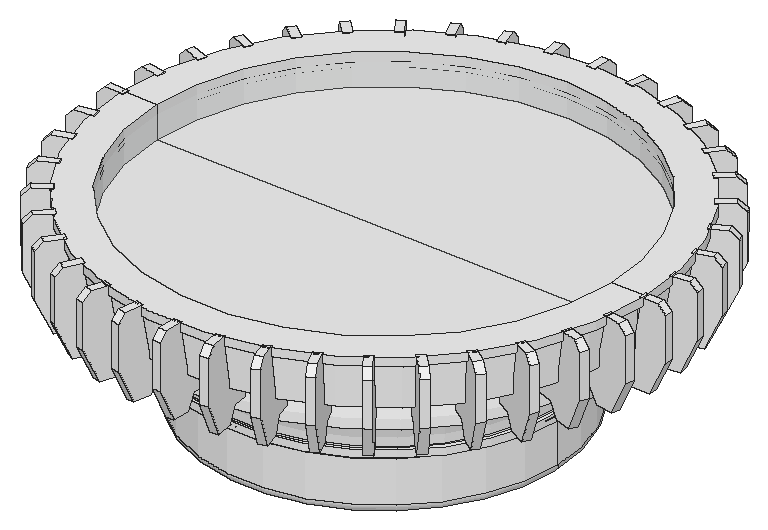
Revit family "HBLHA", category Lighting Fixtures, host Face, Revit 2021
Family settings
  Host = Face
  Round Connector Dimension = Use Diameter
  Part Type = Normal
  OmniClass Number = 23.80.70.14.14
  OmniClass Title = Exterior Floodlights
  Cut with Voids When Loaded = No
  Light Source = Yes
  Shared = No
  Room Calculation Point = No
Parameters
  Wattage Comments = "57 Watts, 24 LEDs"
  Wattage = 112 W
  Watt = 57 W
  Warranty = "5 Year Warranty"
  built-in parameter 1150110 = 1 (stored number, unit not read)
  Voltage = 120 V
  URL = "https://www.currentlighting.com/columbialighting"
  built-in parameter 1114217 = 1 (stored number, unit not read)
  Tilt Angle = -90.00°
  built-in parameter 1150109 = 1 (stored number, unit not read)
  built-in parameter 1150134 = 2
  built-in parameter 1150113 = 1 (stored number, unit not read)
  Product Page URL = ""
  Product Documentation Link = ""
  Power Factor = 1
  Photometric Web File = "HBL-48LU-5K-A-070.ies"
  Optics = "Narrow"
  Mounting Type = "Pendant, Stanchion, Ceiling, Wall, Cone"  # constant formula
  Model = "HBLHA"  # constant formula
  Material Finish = Paint - White Texture
  Manufacturer = "Columbia Lighting"  # constant formula
  built-in parameter 1150105 = 811.05 (stored number, unit not read)
  Lumens = 10192 lm
  built-in parameter 1150115 = 1 (stored number, unit not read)
  Load Classification = Lighting
  built-in parameter 1150137 = (empty or 0)
  built-in parameter 1150139 = (empty or 0)
  built-in parameter 1150112 = 1 (stored number, unit not read)
  built-in parameter 1150114 = 1 (stored number, unit not read)
  Lamp = "LED"
  built-in parameter 1150132 = (empty or 0)
  built-in parameter 1150102 = (empty or 0)
  built-in parameter 1150107 = 5000 (stored number, unit not read)
  built-in parameter 1150138 = (empty or 0)
  built-in parameter 1150106 = 8.1105 (stored number, unit not read)
  IP Rating = "IP66"  # constant formula
  Glass = Glass
  Features = "High performance LED design delivering up to 100 Lumens per Watt\r\nSpecialized thermal management allows from -40˚C to 65˚C ambient temperature ratings\r\nLED count ranges from 72 to 60 to 48 and all three LED counts are driven at 700 mA\r\nThree distinct distributions: aisle, narrow and wide\r\n5 available mounting options: Pendant, Ceiling, Wall, Stanchion, Cone\r\n100,000 hours, long life at L70\r\nSealed optic for long life and durability\r\n5000°K Color Temperature\r\n< 70 CRI\r\nCSA tested to UL1598 Wet Location"  # constant formula
  Fastners = Paint - Light Silver
  Environmental Conditions = "Damp Location, Wet Location, Outdoor"  # constant formula
  Emit from Circle Diameter = 11.000"
  Emit Shape Visible in Rendering = no
  built-in parameter 1150104 = 8.4542 (stored number, unit not read)
  Dimming Protocol = "0-10V"
  Dimming Lamp Color Temperature Shift = <None>
  Description = "The HBLH Series Hazardous LED Flood Light is designed to efficiently light classified areas in heavy industrial settings."  # constant formula
  Default Elevation = 48.000"
  Contact us = ""
  Color Filter = 16777215
  Certification = "UL1598A,Damp Listed,UL Sanitation certified per NSF standards,Wet Listed,NEMA 3,Class I Division 2,CSA,IP66"  # constant formula
  built-in parameter 1114218 = 1 (stored number, unit not read)
  built-in parameter 1150133 = 10 (stored number, unit not read)
  Application = "Industrial, Warehouse, Refineries, Stell Mills, Chemical Plants"  # constant formula
  Apparent Load = Watt / Power Factor  # 57 VA
Reference planes (in)
  plane 1 "Center (Front/Back)": y = 0
  plane 2: z = 0
  plane 3 "Center (Left/Right)": x = 0
  plane 4: z = 8
  plane 5: x = -7
  plane 6: x = 7
  plane 7: y = 1
  plane 8: y = -1
  plane 9: x = -5.5
  plane 10: x = 5.5
  plane 11: z = 13
Dimensions and locks (in)
  plane 4 to plane 2 = 8.000"
  equal spacing: plane 7, plane 1 "Center (Front/Back)", plane 8
  locked: plane 7 to plane 8 at 2
  equal spacing: plane 6, plane 3 "Center (Left/Right)", plane 5, locked at 7 each
  plane 6 to plane 5 = 14.000"
  plane 10 to plane 9 = 11.000"
  aligned and locked: plane 2 to host face
  aligned and locked: level to host face
  aligned and locked: nested 1 to plane 3 "Center (Left/Right)"
  aligned and locked: nested 1 to plane 1 "Center (Front/Back)"
  aligned and locked: plane 3 "Center (Left/Right)" to imposter light
  aligned and locked: imposter light to plane 1 "Center (Front/Back)"
Automatic sketch dimensions
  host sketch curve to host sketch curve = 96.000"  (x2)
Nested families (in)
  nested 1: "KHL" at (0, 0, 7.25) x (-1, 0, 0) z (0, 0, 1), type "KHL"
Connectors (in)
  electrical at (0, 0, 7.25), driven by "Load Classification", driven by "Voltage", driven by "Apparent Load", driven by "Power Factor"
    settings: on nested 1, index 1, voltage 120 V, apparent load 57 VA, apparent load phase1 0 VA, apparent load phase2 0 VA, apparent load phase3 0 VA, power factor 1, load classification "Lighting", number of poles 1, system type 30, power factor state 1, is connector primary yes, connector utility no, sub classification motor no, connector description "Lighting Connector"
Definition of nested family "KHL"
  Parameters
    Wattage Comments = ""
    URL = ""
    Model = ""
    Material Finish = none
    Manufacturer = ""
    Lamp = ""
    IES FILE LINK = ""
    Glass = none
    Description = ""
    Default Elevation = 48.000"
    Apparent Load = 0 VA
  Reference planes (in)
    plane 1 "Center (Front/Back)": y = 0
    plane 2: z = 0
    plane 3 "Center (Left/Right)": x = 0
    plane 4: z = 6
    plane 5: x = -7.25
    plane 6: x = 7.25
    plane 7: x = -5.5
    plane 8: x = 5.5
    plane 9: x = -9
    plane 10: x = 9
    plane 11: y = -9
    plane 12: y = 9
    plane 13: x = -9
    plane 14: x = 9
    plane 15: through (-8.8892, 1.40791, -18.06561) normal (-0.9877, 0.1564, 0)
    plane 16: through (8.8892, -1.40791, -18.06561) normal (-0.9877, 0.1564, 0)
    plane 17: through (-8.55951, 2.78115, -18.06561) normal (-0.9511, 0.309, 0)
    plane 18: through (8.55951, -2.78115, -18.06561) normal (-0.9511, 0.309, 0)
    plane 19: through (-8.01906, 4.08591, -18.06561) normal (-0.891, 0.454, 0)
    plane 20: through (8.01906, -4.08591, -18.06561) normal (-0.891, 0.454, 0)
    plane 21: through (-7.28115, 5.29007, -18.06561) normal (-0.809, 0.5878, 0)
    plane 22: through (7.28115, -5.29007, -18.06561) normal (-0.809, 0.5878, 0)
    plane 23: through (-6.36396, 6.36396, -18.06561) normal (-0.7071, 0.7071, 0)
    plane 24: through (6.36396, -6.36396, -18.06561) normal (-0.7071, 0.7071, 0)
    plane 25: through (-5.29007, 7.28115, -18.06561) normal (-0.5878, 0.809, 0)
    plane 26: through (5.29007, -7.28115, -18.06561) normal (-0.5878, 0.809, 0)
    plane 27: through (-4.08591, 8.01906, -18.06561) normal (-0.454, 0.891, 0)
    plane 28: through (4.08591, -8.01906, -18.06561) normal (-0.454, 0.891, 0)
    plane 29: through (-2.78115, 8.55951, -18.06561) normal (-0.309, 0.9511, 0)
    plane 30: through (2.78115, -8.55951, -18.06561) normal (-0.309, 0.9511, 0)
    plane 31: through (-1.40791, 8.8892, -18.06561) normal (-0.1564, 0.9877, 0)
    plane 32: through (1.40791, -8.8892, -18.06561) normal (-0.1564, 0.9877, 0)
    plane 33: y = 9
    plane 34: y = -9
    plane 35: through (1.40791, 8.8892, -18.06561) normal (0.1564, 0.9877, 0)
    plane 36: through (-1.40791, -8.8892, -18.06561) normal (0.1564, 0.9877, 0)
    plane 37: through (2.78115, 8.55951, -18.06561) normal (0.309, 0.9511, 0)
    plane 38: through (-2.78115, -8.55951, -18.06561) normal (0.309, 0.9511, 0)
    plane 39: through (4.08591, 8.01906, -18.06561) normal (0.454, 0.891, 0)
    plane 40: through (-4.08591, -8.01906, -18.06561) normal (0.454, 0.891, 0)
    plane 41: through (5.29007, 7.28115, -18.06561) normal (0.5878, 0.809, 0)
    plane 42: through (-5.29007, -7.28115, -18.06561) normal (0.5878, 0.809, 0)
    plane 43: through (6.36396, 6.36396, -18.06561) normal (0.7071, 0.7071, 0)
    plane 44: through (-6.36396, -6.36396, -18.06561) normal (0.7071, 0.7071, 0)
    plane 45: through (7.28115, 5.29007, -18.06561) normal (0.809, 0.5878, 0)
    plane 46: through (-7.28115, -5.29007, -18.06561) normal (0.809, 0.5878, 0)
    plane 47: through (8.01906, 4.08591, -18.06561) normal (0.891, 0.454, 0)
    plane 48: through (-8.01906, -4.08591, -18.06561) normal (0.891, 0.454, 0)
    plane 49: through (8.55951, 2.78115, -18.06561) normal (0.9511, 0.309, 0)
    plane 50: through (-8.55951, -2.78115, -18.06561) normal (0.9511, 0.309, 0)
    plane 51: through (8.8892, 1.40791, -18.06561) normal (0.9877, 0.1564, 0)
    plane 52: through (-8.8892, -1.40791, -18.06561) normal (0.9877, 0.1564, 0)
    plane 53: x = 9
    plane 54: x = -9
    plane 55: through (8.8892, -1.40791, -18.06561) normal (0.9877, -0.1564, 0)
    plane 56: through (-8.8892, 1.40791, -18.06561) normal (0.9877, -0.1564, 0)
    plane 57: through (8.55951, -2.78115, -18.06561) normal (0.9511, -0.309, 0)
    plane 58: through (-8.55951, 2.78115, -18.06561) normal (0.9511, -0.309, 0)
    plane 59: through (8.01906, -4.08591, -18.06561) normal (0.891, -0.454, 0)
    plane 60: through (-8.01906, 4.08591, -18.06561) normal (0.891, -0.454, 0)
    plane 61: through (7.28115, -5.29007, -18.06561) normal (0.809, -0.5878, 0)
    plane 62: through (-7.28115, 5.29007, -18.06561) normal (0.809, -0.5878, 0)
    plane 63: through (6.36396, -6.36396, -18.06561) normal (0.7071, -0.7071, 0)
    plane 64: through (-6.36396, 6.36396, -18.06561) normal (0.7071, -0.7071, 0)
    plane 65: through (5.29007, -7.28115, -18.06561) normal (0.5878, -0.809, 0)
    plane 66: through (-5.29007, 7.28115, -18.06561) normal (0.5878, -0.809, 0)
    plane 67: through (4.08591, -8.01906, -18.06561) normal (0.454, -0.891, 0)
    plane 68: through (-4.08591, 8.01906, -18.06561) normal (0.454, -0.891, 0)
    plane 69: through (2.78115, -8.55951, -18.06561) normal (0.309, -0.9511, 0)
    plane 70: through (-2.78115, 8.55951, -18.06561) normal (0.309, -0.9511, 0)
    plane 71: through (1.40791, -8.8892, -18.06561) normal (0.1564, -0.9877, 0)
    plane 72: through (-1.40791, 8.8892, -18.06561) normal (0.1564, -0.9877, 0)
    plane 73: through (-1.40791, -8.8892, -18.06561) normal (-0.1564, -0.9877, 0)
    plane 74: through (1.40791, 8.8892, -18.06561) normal (-0.1564, -0.9877, 0)
    plane 75: through (-2.78115, -8.55951, -18.06561) normal (-0.309, -0.9511, 0)
    plane 76: through (2.78115, 8.55951, -18.06561) normal (-0.309, -0.9511, 0)
    plane 77: through (-4.08591, -8.01906, -18.06561) normal (-0.454, -0.891, 0)
    plane 78: through (4.08591, 8.01906, -18.06561) normal (-0.454, -0.891, 0)
    plane 79: through (-5.29007, -7.28115, -18.06561) normal (-0.5878, -0.809, 0)
    plane 80: through (5.29007, 7.28115, -18.06561) normal (-0.5878, -0.809, 0)
    plane 81: through (-6.36396, -6.36396, -18.06561) normal (-0.7071, -0.7071, 0)
    plane 82: through (6.36396, 6.36396, -18.06561) normal (-0.7071, -0.7071, 0)
    plane 83: through (-7.28115, -5.29007, -18.06561) normal (-0.809, -0.5878, 0)
    plane 84: through (7.28115, 5.29007, -18.06561) normal (-0.809, -0.5878, 0)
    plane 85: through (-8.01906, -4.08591, -18.06561) normal (-0.891, -0.454, 0)
    plane 86: through (8.01906, 4.08591, -18.06561) normal (-0.891, -0.454, 0)
    plane 87: through (-8.55951, -2.78115, -18.06561) normal (-0.9511, -0.309, 0)
    plane 88: through (8.55951, 2.78115, -18.06561) normal (-0.9511, -0.309, 0)
    plane 89: through (-8.8892, -1.40791, -18.06561) normal (-0.9877, -0.1564, 0)
    plane 90: through (8.8892, 1.40791, -18.06561) normal (-0.9877, -0.1564, 0)
  Forms (in)
    Extrusion 1, solid
      sketch origin (0, 0, 0) x (1, 0, 0) y (0, 1, 0)
        loop
          line (-48, 48) -> (-48, -48) -> (48, -48) -> (48, 48) -> (-48, 48)
      from 0 to -12
    Revolve 2, solid, material <- "Material Finish"
      sketch origin (0, 0, 0) x (1, 0, 0) y (0, 0, 1)
        loop
          line (5.5, 0.25) -> (5.5, 1.56868)
          arc (5.5, 1.56868) -> (5.55311, 1.69689) -> (5.68132, 1.75) r 0.18132
          line (5.68132, 1.75) -> (5.79677, 1.75) -> (5.79677, 1.97746) -> (5.6875, 1.97746) -> (5.6875, 2.0276)
          arc (5.6875, 2.0276) -> (6.08214, 2.98036) -> (7.0349, 3.375) r 1.3474
          line (7.0349, 3.375) -> (7.23385, 3.375)
          arc (7.23385, 3.375) -> (7.12959, 3.90778) -> (6.83219, 4.36196) r 1.4134
          line (6.83219, 4.36196) -> (6.83219, 4.43504) -> (8.03125, 4.43504) -> (8.03125, 5.74507) -> (8.28125, 5.74507) -> (8.28125, 6) -> (7.20302, 6) -> (7.20302, 5) -> (0, 5) -> (0, 0) -> (5.25, 0)
          arc (5.25, 0) -> (5.42678, 0.07322) -> (5.5, 0.25) r 0.25
        axis (0, 6) -> (0, 0)
      angle from 0 to 360
    Extrusion 3, solid, material <- "Glass"
      sketch origin (0, 0, 0) x (1, 0, 0) y (0, 1, 0)
        loop
          circle (0, 0) r 7.20302
      from 5.71977 to 5.56262
    Extrusion 4, solid, material <- "Material Finish"
      sketch origin (1.75, 0, 0) x (1, 0, 0) y (0, 0, 1)
        loop
          line (6.42821, 6) -> (6.42821, 5.59247) -> (6.23107, 4.59805) -> (5.43029, 4.59805) -> (5.43029, 3.78903) -> (5.9375, 3.78903) -> (6.1875, 3.35602) -> (6.75, 3.35602) -> (7.25, 4.38117) -> (7.25, 5.75) -> (7, 6) -> (6.42821, 6)
      from 0.125 to -0.125
    Extrusion 5, solid, material <- "Material Finish"
      sketch origin (1.72845, -0.27376, 0) x (0.987688, -0.156434, 0) y (0, 0, 1)
        loop
          line (6.42821, 6) -> (6.42821, 5.59247) -> (6.23107, 4.59805) -> (5.43029, 4.59805) -> (5.43029, 3.78903) -> (5.9375, 3.78903) -> (6.1875, 3.35602) -> (6.75, 3.35602) -> (7.25, 4.38117) -> (7.25, 5.75) -> (7, 6) -> (6.42821, 6)
      from 0.125 to -0.125
    Extrusion 6, solid, material <- "Material Finish"
      sketch origin (1.66435, -0.54078, 0) x (0.951057, -0.309017, 0) y (0, 0, 1)
        loop
          line (6.42821, 6) -> (6.42821, 5.59247) -> (6.23107, 4.59805) -> (5.43029, 4.59805) -> (5.43029, 3.78903) -> (5.9375, 3.78903) -> (6.1875, 3.35602) -> (6.75, 3.35602) -> (7.25, 4.38117) -> (7.25, 5.75) -> (7, 6) -> (6.42821, 6)
      from 0.125 to -0.125
    Extrusion 7, solid, material <- "Material Finish"
      sketch origin (1.55926, -0.79448, 0) x (0.891007, -0.45399, 0) y (0, 0, 1)
        loop
          line (6.42821, 6) -> (6.42821, 5.59247) -> (6.23107, 4.59805) -> (5.43029, 4.59805) -> (5.43029, 3.78903) -> (5.9375, 3.78903) -> (6.1875, 3.35602) -> (6.75, 3.35602) -> (7.25, 4.38117) -> (7.25, 5.75) -> (7, 6) -> (6.42821, 6)
      from 0.125 to -0.125
    Extrusion 8, solid, material <- "Material Finish"
      sketch origin (1.41578, -1.02862, 0) x (0.809017, -0.587785, 0) y (0, 0, 1)
        loop
          line (6.42821, 6) -> (6.42821, 5.59247) -> (6.23107, 4.59805) -> (5.43029, 4.59805) -> (5.43029, 3.78903) -> (5.9375, 3.78903) -> (6.1875, 3.35602) -> (6.75, 3.35602) -> (7.25, 4.38117) -> (7.25, 5.75) -> (7, 6) -> (6.42821, 6)
      from 0.125 to -0.125
    Extrusion 9, solid, material <- "Material Finish"
      sketch origin (1.23744, -1.23744, 0) x (0.707107, -0.707107, 0) y (0, 0, 1)
        loop
          line (6.42821, 6) -> (6.42821, 5.59247) -> (6.23107, 4.59805) -> (5.43029, 4.59805) -> (5.43029, 3.78903) -> (5.9375, 3.78903) -> (6.1875, 3.35602) -> (6.75, 3.35602) -> (7.25, 4.38117) -> (7.25, 5.75) -> (7, 6) -> (6.42821, 6)
      from 0.125 to -0.125
    Extrusion 10, solid, material <- "Material Finish"
      sketch origin (1.02862, -1.41578, 0) x (0.587785, -0.809017, 0) y (0, 0, 1)
        loop
          line (6.42821, 6) -> (6.42821, 5.59247) -> (6.23107, 4.59805) -> (5.43029, 4.59805) -> (5.43029, 3.78903) -> (5.9375, 3.78903) -> (6.1875, 3.35602) -> (6.75, 3.35602) -> (7.25, 4.38117) -> (7.25, 5.75) -> (7, 6) -> (6.42821, 6)
      from 0.125 to -0.125
    Extrusion 11, solid, material <- "Material Finish"
      sketch origin (0.79448, -1.55926, 0) x (0.45399, -0.891007, 0) y (0, 0, 1)
        loop
          line (6.42821, 6) -> (6.42821, 5.59247) -> (6.23107, 4.59805) -> (5.43029, 4.59805) -> (5.43029, 3.78903) -> (5.9375, 3.78903) -> (6.1875, 3.35602) -> (6.75, 3.35602) -> (7.25, 4.38117) -> (7.25, 5.75) -> (7, 6) -> (6.42821, 6)
      from 0.125 to -0.125
    Extrusion 12, solid, material <- "Material Finish"
      sketch origin (0.54078, -1.66435, 0) x (0.309017, -0.951057, 0) y (0, 0, 1)
        loop
          line (6.42821, 6) -> (6.42821, 5.59247) -> (6.23107, 4.59805) -> (5.43029, 4.59805) -> (5.43029, 3.78903) -> (5.9375, 3.78903) -> (6.1875, 3.35602) -> (6.75, 3.35602) -> (7.25, 4.38117) -> (7.25, 5.75) -> (7, 6) -> (6.42821, 6)
      from 0.125 to -0.125
    Extrusion 13, solid, material <- "Material Finish"
      sketch origin (0.27376, -1.72845, 0) x (0.156434, -0.987688, 0) y (0, 0, 1)
        loop
          line (6.42821, 6) -> (6.42821, 5.59247) -> (6.23107, 4.59805) -> (5.43029, 4.59805) -> (5.43029, 3.78903) -> (5.9375, 3.78903) -> (6.1875, 3.35602) -> (6.75, 3.35602) -> (7.25, 4.38117) -> (7.25, 5.75) -> (7, 6) -> (6.42821, 6)
      from 0.125 to -0.125
    Extrusion 14, solid, material <- "Material Finish"
      sketch origin (0, -1.75, 0) x (0, -1, 0) y (0, 0, 1)
        loop
          line (6.42821, 6) -> (6.42821, 5.59247) -> (6.23107, 4.59805) -> (5.43029, 4.59805) -> (5.43029, 3.78903) -> (5.9375, 3.78903) -> (6.1875, 3.35602) -> (6.75, 3.35602) -> (7.25, 4.38117) -> (7.25, 5.75) -> (7, 6) -> (6.42821, 6)
      from 0.125 to -0.125
    Extrusion 15, solid, material <- "Material Finish"
      sketch origin (-0.27376, -1.72845, 0) x (-0.156434, -0.987688, 0) y (0, 0, 1)
        loop
          line (6.42821, 6) -> (6.42821, 5.59247) -> (6.23107, 4.59805) -> (5.43029, 4.59805) -> (5.43029, 3.78903) -> (5.9375, 3.78903) -> (6.1875, 3.35602) -> (6.75, 3.35602) -> (7.25, 4.38117) -> (7.25, 5.75) -> (7, 6) -> (6.42821, 6)
      from 0.125 to -0.125
    Extrusion 16, solid, material <- "Material Finish"
      sketch origin (-0.54078, -1.66435, 0) x (-0.309017, -0.951057, 0) y (0, 0, 1)
        loop
          line (6.42821, 6) -> (6.42821, 5.59247) -> (6.23107, 4.59805) -> (5.43029, 4.59805) -> (5.43029, 3.78903) -> (5.9375, 3.78903) -> (6.1875, 3.35602) -> (6.75, 3.35602) -> (7.25, 4.38117) -> (7.25, 5.75) -> (7, 6) -> (6.42821, 6)
      from 0.125 to -0.125
    Extrusion 17, solid, material <- "Material Finish"
      sketch origin (-0.79448, -1.55926, 0) x (-0.45399, -0.891007, 0) y (0, 0, 1)
        loop
          line (6.42821, 6) -> (6.42821, 5.59247) -> (6.23107, 4.59805) -> (5.43029, 4.59805) -> (5.43029, 3.78903) -> (5.9375, 3.78903) -> (6.1875, 3.35602) -> (6.75, 3.35602) -> (7.25, 4.38117) -> (7.25, 5.75) -> (7, 6) -> (6.42821, 6)
      from 0.125 to -0.125
    Extrusion 18, solid, material <- "Material Finish"
      sketch origin (-1.02862, -1.41578, 0) x (-0.587785, -0.809017, 0) y (0, 0, 1)
        loop
          line (6.42821, 6) -> (6.42821, 5.59247) -> (6.23107, 4.59805) -> (5.43029, 4.59805) -> (5.43029, 3.78903) -> (5.9375, 3.78903) -> (6.1875, 3.35602) -> (6.75, 3.35602) -> (7.25, 4.38117) -> (7.25, 5.75) -> (7, 6) -> (6.42821, 6)
      from 0.125 to -0.125
    Extrusion 19, solid, material <- "Material Finish"
      sketch origin (-1.23744, -1.23744, 0) x (-0.707107, -0.707107, 0) y (0, 0, 1)
        loop
          line (6.42821, 6) -> (6.42821, 5.59247) -> (6.23107, 4.59805) -> (5.43029, 4.59805) -> (5.43029, 3.78903) -> (5.9375, 3.78903) -> (6.1875, 3.35602) -> (6.75, 3.35602) -> (7.25, 4.38117) -> (7.25, 5.75) -> (7, 6) -> (6.42821, 6)
      from 0.125 to -0.125
    Extrusion 20, solid, material <- "Material Finish"
      sketch origin (-1.41578, -1.02862, 0) x (-0.809017, -0.587785, 0) y (0, 0, 1)
        loop
          line (6.42821, 6) -> (6.42821, 5.59247) -> (6.23107, 4.59805) -> (5.43029, 4.59805) -> (5.43029, 3.78903) -> (5.9375, 3.78903) -> (6.1875, 3.35602) -> (6.75, 3.35602) -> (7.25, 4.38117) -> (7.25, 5.75) -> (7, 6) -> (6.42821, 6)
      from 0.125 to -0.125
    Extrusion 21, solid, material <- "Material Finish"
      sketch origin (-1.55926, -0.79448, 0) x (-0.891007, -0.45399, 0) y (0, 0, 1)
        loop
          line (6.42821, 6) -> (6.42821, 5.59247) -> (6.23107, 4.59805) -> (5.43029, 4.59805) -> (5.43029, 3.78903) -> (5.9375, 3.78903) -> (6.1875, 3.35602) -> (6.75, 3.35602) -> (7.25, 4.38117) -> (7.25, 5.75) -> (7, 6) -> (6.42821, 6)
      from 0.125 to -0.125
    Extrusion 22, solid, material <- "Material Finish"
      sketch origin (-1.66435, -0.54078, 0) x (-0.951057, -0.309017, 0) y (0, 0, 1)
        loop
          line (6.42821, 6) -> (6.42821, 5.59247) -> (6.23107, 4.59805) -> (5.43029, 4.59805) -> (5.43029, 3.78903) -> (5.9375, 3.78903) -> (6.1875, 3.35602) -> (6.75, 3.35602) -> (7.25, 4.38117) -> (7.25, 5.75) -> (7, 6) -> (6.42821, 6)
      from 0.125 to -0.125
    Extrusion 23, solid, material <- "Material Finish"
      sketch origin (-1.72845, -0.27376, 0) x (-0.987688, -0.156434, 0) y (0, 0, 1)
        loop
          line (6.42821, 6) -> (6.42821, 5.59247) -> (6.23107, 4.59805) -> (5.43029, 4.59805) -> (5.43029, 3.78903) -> (5.9375, 3.78903) -> (6.1875, 3.35602) -> (6.75, 3.35602) -> (7.25, 4.38117) -> (7.25, 5.75) -> (7, 6) -> (6.42821, 6)
      from 0.125 to -0.125
    Extrusion 24, solid, material <- "Material Finish"
      sketch origin (-1.75, 0, 0) x (-1, 0, 0) y (0, 0, 1)
        loop
          line (6.42821, 6) -> (6.42821, 5.59247) -> (6.23107, 4.59805) -> (5.43029, 4.59805) -> (5.43029, 3.78903) -> (5.9375, 3.78903) -> (6.1875, 3.35602) -> (6.75, 3.35602) -> (7.25, 4.38117) -> (7.25, 5.75) -> (7, 6) -> (6.42821, 6)
      from 0.125 to -0.125
    Extrusion 25, solid, material <- "Material Finish"
      sketch origin (-1.72845, 0.27376, 0) x (-0.987688, 0.156434, 0) y (0, 0, 1)
        loop
          line (6.42821, 6) -> (6.42821, 5.59247) -> (6.23107, 4.59805) -> (5.43029, 4.59805) -> (5.43029, 3.78903) -> (5.9375, 3.78903) -> (6.1875, 3.35602) -> (6.75, 3.35602) -> (7.25, 4.38117) -> (7.25, 5.75) -> (7, 6) -> (6.42821, 6)
      from 0.125 to -0.125
    Extrusion 26, solid, material <- "Material Finish"
      sketch origin (-1.66435, 0.54078, 0) x (-0.951057, 0.309017, 0) y (0, 0, 1)
        loop
          line (6.42821, 6) -> (6.42821, 5.59247) -> (6.23107, 4.59805) -> (5.43029, 4.59805) -> (5.43029, 3.78903) -> (5.9375, 3.78903) -> (6.1875, 3.35602) -> (6.75, 3.35602) -> (7.25, 4.38117) -> (7.25, 5.75) -> (7, 6) -> (6.42821, 6)
      from 0.125 to -0.125
    Extrusion 27, solid, material <- "Material Finish"
      sketch origin (-1.55926, 0.79448, 0) x (-0.891007, 0.45399, 0) y (0, 0, 1)
        loop
          line (6.42821, 6) -> (6.42821, 5.59247) -> (6.23107, 4.59805) -> (5.43029, 4.59805) -> (5.43029, 3.78903) -> (5.9375, 3.78903) -> (6.1875, 3.35602) -> (6.75, 3.35602) -> (7.25, 4.38117) -> (7.25, 5.75) -> (7, 6) -> (6.42821, 6)
      from 0.125 to -0.125
    Extrusion 28, solid, material <- "Material Finish"
      sketch origin (-1.41578, 1.02862, 0) x (-0.809017, 0.587785, 0) y (0, 0, 1)
        loop
          line (6.42821, 6) -> (6.42821, 5.59247) -> (6.23107, 4.59805) -> (5.43029, 4.59805) -> (5.43029, 3.78903) -> (5.9375, 3.78903) -> (6.1875, 3.35602) -> (6.75, 3.35602) -> (7.25, 4.38117) -> (7.25, 5.75) -> (7, 6) -> (6.42821, 6)
      from 0.125 to -0.125
    Extrusion 29, solid, material <- "Material Finish"
      sketch origin (-1.23744, 1.23744, 0) x (-0.707107, 0.707107, 0) y (0, 0, 1)
        loop
          line (6.42821, 6) -> (6.42821, 5.59247) -> (6.23107, 4.59805) -> (5.43029, 4.59805) -> (5.43029, 3.78903) -> (5.9375, 3.78903) -> (6.1875, 3.35602) -> (6.75, 3.35602) -> (7.25, 4.38117) -> (7.25, 5.75) -> (7, 6) -> (6.42821, 6)
      from 0.125 to -0.125
    Extrusion 30, solid, material <- "Material Finish"
      sketch origin (-1.02862, 1.41578, 0) x (-0.587785, 0.809017, 0) y (0, 0, 1)
        loop
          line (6.42821, 6) -> (6.42821, 5.59247) -> (6.23107, 4.59805) -> (5.43029, 4.59805) -> (5.43029, 3.78903) -> (5.9375, 3.78903) -> (6.1875, 3.35602) -> (6.75, 3.35602) -> (7.25, 4.38117) -> (7.25, 5.75) -> (7, 6) -> (6.42821, 6)
      from 0.125 to -0.125
    Extrusion 31, solid, material <- "Material Finish"
      sketch origin (-0.79448, 1.55926, 0) x (-0.45399, 0.891007, 0) y (0, 0, 1)
        loop
          line (6.42821, 6) -> (6.42821, 5.59247) -> (6.23107, 4.59805) -> (5.43029, 4.59805) -> (5.43029, 3.78903) -> (5.9375, 3.78903) -> (6.1875, 3.35602) -> (6.75, 3.35602) -> (7.25, 4.38117) -> (7.25, 5.75) -> (7, 6) -> (6.42821, 6)
      from 0.125 to -0.125
    Extrusion 32, solid, material <- "Material Finish"
      sketch origin (-0.54078, 1.66435, 0) x (-0.309017, 0.951057, 0) y (0, 0, 1)
        loop
          line (6.42821, 6) -> (6.42821, 5.59247) -> (6.23107, 4.59805) -> (5.43029, 4.59805) -> (5.43029, 3.78903) -> (5.9375, 3.78903) -> (6.1875, 3.35602) -> (6.75, 3.35602) -> (7.25, 4.38117) -> (7.25, 5.75) -> (7, 6) -> (6.42821, 6)
      from 0.125 to -0.125
    Extrusion 33, solid, material <- "Material Finish"
      sketch origin (-0.27376, 1.72845, 0) x (-0.156434, 0.987688, 0) y (0, 0, 1)
        loop
          line (6.42821, 6) -> (6.42821, 5.59247) -> (6.23107, 4.59805) -> (5.43029, 4.59805) -> (5.43029, 3.78903) -> (5.9375, 3.78903) -> (6.1875, 3.35602) -> (6.75, 3.35602) -> (7.25, 4.38117) -> (7.25, 5.75) -> (7, 6) -> (6.42821, 6)
      from 0.125 to -0.125
    Extrusion 34, solid, material <- "Material Finish"
      sketch origin (0, 1.75, 0) x (0, 1, 0) y (0, 0, 1)
        loop
          line (6.42821, 6) -> (6.42821, 5.59247) -> (6.23107, 4.59805) -> (5.43029, 4.59805) -> (5.43029, 3.78903) -> (5.9375, 3.78903) -> (6.1875, 3.35602) -> (6.75, 3.35602) -> (7.25, 4.38117) -> (7.25, 5.75) -> (7, 6) -> (6.42821, 6)
      from 0.125 to -0.125
    Extrusion 35, solid, material <- "Material Finish"
      sketch origin (0.27376, 1.72845, 0) x (0.156434, 0.987688, 0) y (0, 0, 1)
        loop
          line (6.42821, 6) -> (6.42821, 5.59247) -> (6.23107, 4.59805) -> (5.43029, 4.59805) -> (5.43029, 3.78903) -> (5.9375, 3.78903) -> (6.1875, 3.35602) -> (6.75, 3.35602) -> (7.25, 4.38117) -> (7.25, 5.75) -> (7, 6) -> (6.42821, 6)
      from 0.125 to -0.125
    Extrusion 36, solid, material <- "Material Finish"
      sketch origin (0.54078, 1.66435, 0) x (0.309017, 0.951057, 0) y (0, 0, 1)
        loop
          line (6.42821, 6) -> (6.42821, 5.59247) -> (6.23107, 4.59805) -> (5.43029, 4.59805) -> (5.43029, 3.78903) -> (5.9375, 3.78903) -> (6.1875, 3.35602) -> (6.75, 3.35602) -> (7.25, 4.38117) -> (7.25, 5.75) -> (7, 6) -> (6.42821, 6)
      from 0.125 to -0.125
    Extrusion 37, solid, material <- "Material Finish"
      sketch origin (0.79448, 1.55926, 0) x (0.45399, 0.891007, 0) y (0, 0, 1)
        loop
          line (6.42821, 6) -> (6.42821, 5.59247) -> (6.23107, 4.59805) -> (5.43029, 4.59805) -> (5.43029, 3.78903) -> (5.9375, 3.78903) -> (6.1875, 3.35602) -> (6.75, 3.35602) -> (7.25, 4.38117) -> (7.25, 5.75) -> (7, 6) -> (6.42821, 6)
      from 0.125 to -0.125
    Extrusion 38, solid, material <- "Material Finish"
      sketch origin (1.02862, 1.41578, 0) x (0.587785, 0.809017, 0) y (0, 0, 1)
        loop
          line (6.42821, 6) -> (6.42821, 5.59247) -> (6.23107, 4.59805) -> (5.43029, 4.59805) -> (5.43029, 3.78903) -> (5.9375, 3.78903) -> (6.1875, 3.35602) -> (6.75, 3.35602) -> (7.25, 4.38117) -> (7.25, 5.75) -> (7, 6) -> (6.42821, 6)
      from 0.125 to -0.125
    Extrusion 39, solid, material <- "Material Finish"
      sketch origin (1.23744, 1.23744, 0) x (0.707107, 0.707107, 0) y (0, 0, 1)
        loop
          line (6.42821, 6) -> (6.42821, 5.59247) -> (6.23107, 4.59805) -> (5.43029, 4.59805) -> (5.43029, 3.78903) -> (5.9375, 3.78903) -> (6.1875, 3.35602) -> (6.75, 3.35602) -> (7.25, 4.38117) -> (7.25, 5.75) -> (7, 6) -> (6.42821, 6)
      from 0.125 to -0.125
    Extrusion 40, solid, material <- "Material Finish"
      sketch origin (1.41578, 1.02862, 0) x (0.809017, 0.587785, 0) y (0, 0, 1)
        loop
          line (6.42821, 6) -> (6.42821, 5.59247) -> (6.23107, 4.59805) -> (5.43029, 4.59805) -> (5.43029, 3.78903) -> (5.9375, 3.78903) -> (6.1875, 3.35602) -> (6.75, 3.35602) -> (7.25, 4.38117) -> (7.25, 5.75) -> (7, 6) -> (6.42821, 6)
      from 0.125 to -0.125
    Extrusion 41, solid, material <- "Material Finish"
      sketch origin (1.55926, 0.79448, 0) x (0.891007, 0.45399, 0) y (0, 0, 1)
        loop
          line (6.42821, 6) -> (6.42821, 5.59247) -> (6.23107, 4.59805) -> (5.43029, 4.59805) -> (5.43029, 3.78903) -> (5.9375, 3.78903) -> (6.1875, 3.35602) -> (6.75, 3.35602) -> (7.25, 4.38117) -> (7.25, 5.75) -> (7, 6) -> (6.42821, 6)
      from 0.125 to -0.125
    Extrusion 42, solid, material <- "Material Finish"
      sketch origin (1.66435, 0.54078, 0) x (0.951057, 0.309017, 0) y (0, 0, 1)
        loop
          line (6.42821, 6) -> (6.42821, 5.59247) -> (6.23107, 4.59805) -> (5.43029, 4.59805) -> (5.43029, 3.78903) -> (5.9375, 3.78903) -> (6.1875, 3.35602) -> (6.75, 3.35602) -> (7.25, 4.38117) -> (7.25, 5.75) -> (7, 6) -> (6.42821, 6)
      from 0.125 to -0.125
    Extrusion 43, solid, material <- "Material Finish"
      sketch origin (1.72845, 0.27376, 0) x (0.987688, 0.156434, 0) y (0, 0, 1)
        loop
          line (6.42821, 6) -> (6.42821, 5.59247) -> (6.23107, 4.59805) -> (5.43029, 4.59805) -> (5.43029, 3.78903) -> (5.9375, 3.78903) -> (6.1875, 3.35602) -> (6.75, 3.35602) -> (7.25, 4.38117) -> (7.25, 5.75) -> (7, 6) -> (6.42821, 6)
      from 0.125 to -0.125
  Lines and regions (in)
    reference lines
      curve 1: line (5.95302, 0, 4.75) -> (0, 0, 4.75)
      curve 2: line (5.95302, 0, 5.92266) -> (5.95302, 0, 4.75)
      curve 3: line (6.59375, 0, 5.37007) -> (6.59375, 0, 5.92266)
      curve 4: line (6.34375, 0, 5.37007) -> (6.59375, 0, 5.37007)
      curve 5: line (6.34375, 0, 4.37254) -> (5.5, 0, 4.37254)
      curve 6: line (6.34375, 0, 4.37254) -> (6.34375, 0, 5.37007)
      curve 7: arc (6.25, 0, 2.75) -> (6.14885, 0, 3.28681) -> (5.85927, 0, 3.75) r 1.47501
      curve 8: line (5.85927, 0, 2.75) -> (6.25, 0, 2.75)
      curve 9: line (5.85927, 0, 2.75) -> (5.85927, 0, 1.75)
      curve 10: line (5.85927, 0, 1.75) -> (4.74529, 0, 1.75)
      curve 11: line (5.85927, 0, 3.75) -> (4.8978, 0, 3.75)
      curve 12: line (5.10824, 0, 5.71977) -> (6.99125, 0, 5.71977)
  Dimensions and locks (in)
    locked: plane 4 to plane 2 at 6
    equal spacing: plane 6, plane 3 "Center (Left/Right)", plane 5
    equal spacing: plane 8, plane 3 "Center (Left/Right)", plane 7, locked at 5.5 each
    plane 4 to plane 2 = 6.000"
    aligned and locked: plane 2 to Extrusion 1
    aligned and locked: level to Extrusion 1
    aligned and locked: Revolve 2 sketch curve to plane 2
    aligned and locked: Extrusion 3 sketch curve to Revolve 2
    aligned and locked: curve 10 to Revolve 2 sketch curve
  Automatic sketch dimensions
    Extrusion 1 sketch curve to Extrusion 1 sketch curve = 96.000"  (x2)
    curve 1 to plane 3 "Center (Left/Right)" = 0.000"
    plane 8 to curve 5 = 0.000"
    plane 8 to curve 10 = 0.75471"
    plane 8 to curve 7 = 0.72501"
    plane 8 to curve 11 = 0.6022"
    plane 8 to curve 12 = 0.39176"
    curve 11 to plane 8 = 0.35927"
    curve 8 to plane 8 = 0.35927"
    curve 2 to plane 4 = 0.07734"
    curve 2 to plane 8 = 0.45302"
    curve 8 to curve 8 = 0.39073"
    curve 1 to curve 6 = 0.39073"
    curve 4 to curve 4 = 0.250"
    plane 6 to curve 12 = 0.25875"
    curve 12 to plane 4 = 0.28023"
    curve 6 to plane 4 = 0.62993"
    curve 2 to curve 4 = 0.62007"
    curve 5 to curve 1 = 0.37746"
    curve 11 to curve 5 = 0.62254"
    curve 9 to curve 8 = 1.000"
    curve 3 to plane 4 = 0.07734"
    Extrusion 4 sketch curve to Extrusion 4 sketch curve = 0.50721"
    Extrusion 4 sketch curve to Extrusion 4 sketch curve = 0.250"  (x3)
    Extrusion 4 sketch curve to Extrusion 4 sketch curve = 0.80078"
    Extrusion 4 sketch curve to Extrusion 4 sketch curve = 0.19714"
    Extrusion 4 sketch curve to Extrusion 4 sketch curve = 0.5625"
    Extrusion 4 sketch curve to Extrusion 4 sketch curve = 0.57179"
    Extrusion 4 sketch curve to Extrusion 4 sketch curve = 0.43301"
    Extrusion 4 sketch curve to Extrusion 4 sketch curve = 1.02515"
    Extrusion 4 sketch curve to Extrusion 4 sketch curve = 0.80901"
    Extrusion 4 sketch curve to Extrusion 4 sketch curve = 0.99442"
    Extrusion 4 sketch curve to Extrusion 4 sketch curve = 0.15753"
    Extrusion 5 sketch curve to Extrusion 5 sketch curve = 0.50721"
    Extrusion 5 sketch curve to Extrusion 5 sketch curve = 0.250"  (x3)
    Extrusion 5 sketch curve to Extrusion 5 sketch curve = 0.80078"
    Extrusion 5 sketch curve to Extrusion 5 sketch curve = 0.19714"
    Extrusion 5 sketch curve to Extrusion 5 sketch curve = 0.5625"
    Extrusion 5 sketch curve to Extrusion 5 sketch curve = 0.57179"
    Extrusion 5 sketch curve to Extrusion 5 sketch curve = 0.43301"
    Extrusion 5 sketch curve to Extrusion 5 sketch curve = 1.02515"
    Extrusion 5 sketch curve to Extrusion 5 sketch curve = 0.80901"
    Extrusion 5 sketch curve to Extrusion 5 sketch curve = 0.99442"
    Extrusion 5 sketch curve to Extrusion 5 sketch curve = 0.15753"
    Extrusion 6 sketch curve to Extrusion 6 sketch curve = 0.50721"
    Extrusion 6 sketch curve to Extrusion 6 sketch curve = 0.250"  (x3)
    Extrusion 6 sketch curve to Extrusion 6 sketch curve = 0.80078"
    Extrusion 6 sketch curve to Extrusion 6 sketch curve = 0.19714"
    Extrusion 6 sketch curve to Extrusion 6 sketch curve = 0.5625"
    Extrusion 6 sketch curve to Extrusion 6 sketch curve = 0.57179"
    Extrusion 6 sketch curve to Extrusion 6 sketch curve = 0.43301"
    Extrusion 6 sketch curve to Extrusion 6 sketch curve = 1.02515"
    Extrusion 6 sketch curve to Extrusion 6 sketch curve = 0.80901"
    Extrusion 6 sketch curve to Extrusion 6 sketch curve = 0.99442"
    Extrusion 6 sketch curve to Extrusion 6 sketch curve = 0.15753"
    Extrusion 7 sketch curve to Extrusion 7 sketch curve = 0.50721"
    Extrusion 7 sketch curve to Extrusion 7 sketch curve = 0.250"  (x3)
    Extrusion 7 sketch curve to Extrusion 7 sketch curve = 0.80078"
    Extrusion 7 sketch curve to Extrusion 7 sketch curve = 0.19714"
    Extrusion 7 sketch curve to Extrusion 7 sketch curve = 0.5625"
    Extrusion 7 sketch curve to Extrusion 7 sketch curve = 0.57179"
    Extrusion 7 sketch curve to Extrusion 7 sketch curve = 0.43301"
    Extrusion 7 sketch curve to Extrusion 7 sketch curve = 1.02515"
    Extrusion 7 sketch curve to Extrusion 7 sketch curve = 0.80901"
    Extrusion 7 sketch curve to Extrusion 7 sketch curve = 0.99442"
    Extrusion 7 sketch curve to Extrusion 7 sketch curve = 0.15753"
    Extrusion 8 sketch curve to Extrusion 8 sketch curve = 0.50721"
    Extrusion 8 sketch curve to Extrusion 8 sketch curve = 0.250"  (x3)
    Extrusion 8 sketch curve to Extrusion 8 sketch curve = 0.80078"
    Extrusion 8 sketch curve to Extrusion 8 sketch curve = 0.19714"
    Extrusion 8 sketch curve to Extrusion 8 sketch curve = 0.5625"
    Extrusion 8 sketch curve to Extrusion 8 sketch curve = 0.57179"
    Extrusion 8 sketch curve to Extrusion 8 sketch curve = 0.43301"
    Extrusion 8 sketch curve to Extrusion 8 sketch curve = 1.02515"
    Extrusion 8 sketch curve to Extrusion 8 sketch curve = 0.80901"
    Extrusion 8 sketch curve to Extrusion 8 sketch curve = 0.99442"
    Extrusion 8 sketch curve to Extrusion 8 sketch curve = 0.15753"
    Extrusion 9 sketch curve to Extrusion 9 sketch curve = 0.50721"
    Extrusion 9 sketch curve to Extrusion 9 sketch curve = 0.250"  (x3)
    Extrusion 9 sketch curve to Extrusion 9 sketch curve = 0.80078"
    Extrusion 9 sketch curve to Extrusion 9 sketch curve = 0.19714"
    Extrusion 9 sketch curve to Extrusion 9 sketch curve = 0.5625"
    Extrusion 9 sketch curve to Extrusion 9 sketch curve = 0.57179"
    Extrusion 9 sketch curve to Extrusion 9 sketch curve = 0.43301"
    Extrusion 9 sketch curve to Extrusion 9 sketch curve = 1.02515"
    Extrusion 9 sketch curve to Extrusion 9 sketch curve = 0.80901"
    Extrusion 9 sketch curve to Extrusion 9 sketch curve = 0.99442"
    Extrusion 9 sketch curve to Extrusion 9 sketch curve = 0.15753"
    Extrusion 10 sketch curve to Extrusion 10 sketch curve = 0.50721"
    Extrusion 10 sketch curve to Extrusion 10 sketch curve = 0.250"  (x3)
    Extrusion 10 sketch curve to Extrusion 10 sketch curve = 0.80078"
    Extrusion 10 sketch curve to Extrusion 10 sketch curve = 0.19714"
    Extrusion 10 sketch curve to Extrusion 10 sketch curve = 0.5625"
    Extrusion 10 sketch curve to Extrusion 10 sketch curve = 0.57179"
    Extrusion 10 sketch curve to Extrusion 10 sketch curve = 0.43301"
    Extrusion 10 sketch curve to Extrusion 10 sketch curve = 1.02515"
    Extrusion 10 sketch curve to Extrusion 10 sketch curve = 0.80901"
    Extrusion 10 sketch curve to Extrusion 10 sketch curve = 0.99442"
    Extrusion 10 sketch curve to Extrusion 10 sketch curve = 0.15753"
    Extrusion 11 sketch curve to Extrusion 11 sketch curve = 0.50721"
    Extrusion 11 sketch curve to Extrusion 11 sketch curve = 0.250"  (x3)
    Extrusion 11 sketch curve to Extrusion 11 sketch curve = 0.80078"
    Extrusion 11 sketch curve to Extrusion 11 sketch curve = 0.19714"
    Extrusion 11 sketch curve to Extrusion 11 sketch curve = 0.5625"
    Extrusion 11 sketch curve to Extrusion 11 sketch curve = 0.57179"
    Extrusion 11 sketch curve to Extrusion 11 sketch curve = 0.43301"
    Extrusion 11 sketch curve to Extrusion 11 sketch curve = 1.02515"
    Extrusion 11 sketch curve to Extrusion 11 sketch curve = 0.80901"
    Extrusion 11 sketch curve to Extrusion 11 sketch curve = 0.99442"
    Extrusion 11 sketch curve to Extrusion 11 sketch curve = 0.15753"
    Extrusion 12 sketch curve to Extrusion 12 sketch curve = 0.50721"
    Extrusion 12 sketch curve to Extrusion 12 sketch curve = 0.250"  (x3)
    Extrusion 12 sketch curve to Extrusion 12 sketch curve = 0.80078"
    Extrusion 12 sketch curve to Extrusion 12 sketch curve = 0.19714"
    Extrusion 12 sketch curve to Extrusion 12 sketch curve = 0.5625"
    Extrusion 12 sketch curve to Extrusion 12 sketch curve = 0.57179"
    Extrusion 12 sketch curve to Extrusion 12 sketch curve = 0.43301"
    Extrusion 12 sketch curve to Extrusion 12 sketch curve = 1.02515"
    Extrusion 12 sketch curve to Extrusion 12 sketch curve = 0.80901"
    Extrusion 12 sketch curve to Extrusion 12 sketch curve = 0.99442"
    Extrusion 12 sketch curve to Extrusion 12 sketch curve = 0.15753"
    Extrusion 13 sketch curve to Extrusion 13 sketch curve = 0.50721"
    Extrusion 13 sketch curve to Extrusion 13 sketch curve = 0.250"  (x3)
    Extrusion 13 sketch curve to Extrusion 13 sketch curve = 0.80078"
    Extrusion 13 sketch curve to Extrusion 13 sketch curve = 0.19714"
    Extrusion 13 sketch curve to Extrusion 13 sketch curve = 0.5625"
    Extrusion 13 sketch curve to Extrusion 13 sketch curve = 0.57179"
    Extrusion 13 sketch curve to Extrusion 13 sketch curve = 0.43301"
    Extrusion 13 sketch curve to Extrusion 13 sketch curve = 1.02515"
    Extrusion 13 sketch curve to Extrusion 13 sketch curve = 0.80901"
    Extrusion 13 sketch curve to Extrusion 13 sketch curve = 0.99442"
    Extrusion 13 sketch curve to Extrusion 13 sketch curve = 0.15753"
    Extrusion 14 sketch curve to Extrusion 14 sketch curve = 0.50721"
    Extrusion 14 sketch curve to Extrusion 14 sketch curve = 0.250"  (x3)
    Extrusion 14 sketch curve to Extrusion 14 sketch curve = 0.80078"
    Extrusion 14 sketch curve to Extrusion 14 sketch curve = 0.19714"
    Extrusion 14 sketch curve to Extrusion 14 sketch curve = 0.5625"
    Extrusion 14 sketch curve to Extrusion 14 sketch curve = 0.57179"
    Extrusion 14 sketch curve to Extrusion 14 sketch curve = 0.43301"
    Extrusion 14 sketch curve to Extrusion 14 sketch curve = 1.02515"
    Extrusion 14 sketch curve to Extrusion 14 sketch curve = 0.80901"
    Extrusion 14 sketch curve to Extrusion 14 sketch curve = 0.99442"
    Extrusion 14 sketch curve to Extrusion 14 sketch curve = 0.15753"
    Extrusion 15 sketch curve to Extrusion 15 sketch curve = 0.50721"
    Extrusion 15 sketch curve to Extrusion 15 sketch curve = 0.250"  (x3)
    Extrusion 15 sketch curve to Extrusion 15 sketch curve = 0.80078"
    Extrusion 15 sketch curve to Extrusion 15 sketch curve = 0.19714"
    Extrusion 15 sketch curve to Extrusion 15 sketch curve = 0.5625"
    Extrusion 15 sketch curve to Extrusion 15 sketch curve = 0.57179"
    Extrusion 15 sketch curve to Extrusion 15 sketch curve = 0.43301"
    Extrusion 15 sketch curve to Extrusion 15 sketch curve = 1.02515"
    Extrusion 15 sketch curve to Extrusion 15 sketch curve = 0.80901"
    Extrusion 15 sketch curve to Extrusion 15 sketch curve = 0.99442"
    Extrusion 15 sketch curve to Extrusion 15 sketch curve = 0.15753"
    Extrusion 16 sketch curve to Extrusion 16 sketch curve = 0.50721"
    Extrusion 16 sketch curve to Extrusion 16 sketch curve = 0.250"  (x3)
    Extrusion 16 sketch curve to Extrusion 16 sketch curve = 0.80078"
    Extrusion 16 sketch curve to Extrusion 16 sketch curve = 0.19714"
    Extrusion 16 sketch curve to Extrusion 16 sketch curve = 0.5625"
    Extrusion 16 sketch curve to Extrusion 16 sketch curve = 0.57179"
    Extrusion 16 sketch curve to Extrusion 16 sketch curve = 0.43301"
    Extrusion 16 sketch curve to Extrusion 16 sketch curve = 1.02515"
    Extrusion 16 sketch curve to Extrusion 16 sketch curve = 0.80901"
    Extrusion 16 sketch curve to Extrusion 16 sketch curve = 0.99442"
    Extrusion 16 sketch curve to Extrusion 16 sketch curve = 0.15753"
    Extrusion 17 sketch curve to Extrusion 17 sketch curve = 0.50721"
    Extrusion 17 sketch curve to Extrusion 17 sketch curve = 0.250"  (x3)
    Extrusion 17 sketch curve to Extrusion 17 sketch curve = 0.80078"
    Extrusion 17 sketch curve to Extrusion 17 sketch curve = 0.19714"
    Extrusion 17 sketch curve to Extrusion 17 sketch curve = 0.5625"
    Extrusion 17 sketch curve to Extrusion 17 sketch curve = 0.57179"
    Extrusion 17 sketch curve to Extrusion 17 sketch curve = 0.43301"
    Extrusion 17 sketch curve to Extrusion 17 sketch curve = 1.02515"
    Extrusion 17 sketch curve to Extrusion 17 sketch curve = 0.80901"
    Extrusion 17 sketch curve to Extrusion 17 sketch curve = 0.99442"
    Extrusion 17 sketch curve to Extrusion 17 sketch curve = 0.15753"
    Extrusion 18 sketch curve to Extrusion 18 sketch curve = 0.50721"
    Extrusion 18 sketch curve to Extrusion 18 sketch curve = 0.250"  (x3)
    Extrusion 18 sketch curve to Extrusion 18 sketch curve = 0.80078"
    Extrusion 18 sketch curve to Extrusion 18 sketch curve = 0.19714"
    Extrusion 18 sketch curve to Extrusion 18 sketch curve = 0.5625"
    Extrusion 18 sketch curve to Extrusion 18 sketch curve = 0.57179"
    Extrusion 18 sketch curve to Extrusion 18 sketch curve = 0.43301"
    Extrusion 18 sketch curve to Extrusion 18 sketch curve = 1.02515"
    Extrusion 18 sketch curve to Extrusion 18 sketch curve = 0.80901"
    Extrusion 18 sketch curve to Extrusion 18 sketch curve = 0.99442"
    Extrusion 18 sketch curve to Extrusion 18 sketch curve = 0.15753"
    Extrusion 19 sketch curve to Extrusion 19 sketch curve = 0.50721"
    Extrusion 19 sketch curve to Extrusion 19 sketch curve = 0.250"  (x3)
    Extrusion 19 sketch curve to Extrusion 19 sketch curve = 0.80078"
    Extrusion 19 sketch curve to Extrusion 19 sketch curve = 0.19714"
    Extrusion 19 sketch curve to Extrusion 19 sketch curve = 0.5625"
    Extrusion 19 sketch curve to Extrusion 19 sketch curve = 0.57179"
    Extrusion 19 sketch curve to Extrusion 19 sketch curve = 0.43301"
    Extrusion 19 sketch curve to Extrusion 19 sketch curve = 1.02515"
    Extrusion 19 sketch curve to Extrusion 19 sketch curve = 0.80901"
    Extrusion 19 sketch curve to Extrusion 19 sketch curve = 0.99442"
    Extrusion 19 sketch curve to Extrusion 19 sketch curve = 0.15753"
    Extrusion 20 sketch curve to Extrusion 20 sketch curve = 0.50721"
    Extrusion 20 sketch curve to Extrusion 20 sketch curve = 0.250"  (x3)
    Extrusion 20 sketch curve to Extrusion 20 sketch curve = 0.80078"
    Extrusion 20 sketch curve to Extrusion 20 sketch curve = 0.19714"
    Extrusion 20 sketch curve to Extrusion 20 sketch curve = 0.5625"
    Extrusion 20 sketch curve to Extrusion 20 sketch curve = 0.57179"
    Extrusion 20 sketch curve to Extrusion 20 sketch curve = 0.43301"
    Extrusion 20 sketch curve to Extrusion 20 sketch curve = 1.02515"
    Extrusion 20 sketch curve to Extrusion 20 sketch curve = 0.80901"
    Extrusion 20 sketch curve to Extrusion 20 sketch curve = 0.99442"
    Extrusion 20 sketch curve to Extrusion 20 sketch curve = 0.15753"
    Extrusion 21 sketch curve to Extrusion 21 sketch curve = 0.50721"
    Extrusion 21 sketch curve to Extrusion 21 sketch curve = 0.250"  (x3)
    Extrusion 21 sketch curve to Extrusion 21 sketch curve = 0.80078"
    Extrusion 21 sketch curve to Extrusion 21 sketch curve = 0.19714"
    Extrusion 21 sketch curve to Extrusion 21 sketch curve = 0.5625"
    Extrusion 21 sketch curve to Extrusion 21 sketch curve = 0.57179"
    Extrusion 21 sketch curve to Extrusion 21 sketch curve = 0.43301"
    Extrusion 21 sketch curve to Extrusion 21 sketch curve = 1.02515"
    Extrusion 21 sketch curve to Extrusion 21 sketch curve = 0.80901"
    Extrusion 21 sketch curve to Extrusion 21 sketch curve = 0.99442"
    Extrusion 21 sketch curve to Extrusion 21 sketch curve = 0.15753"
    Extrusion 22 sketch curve to Extrusion 22 sketch curve = 0.50721"
    Extrusion 22 sketch curve to Extrusion 22 sketch curve = 0.250"  (x3)
    Extrusion 22 sketch curve to Extrusion 22 sketch curve = 0.80078"
    Extrusion 22 sketch curve to Extrusion 22 sketch curve = 0.19714"
    Extrusion 22 sketch curve to Extrusion 22 sketch curve = 0.5625"
    Extrusion 22 sketch curve to Extrusion 22 sketch curve = 0.57179"
    Extrusion 22 sketch curve to Extrusion 22 sketch curve = 0.43301"
    Extrusion 22 sketch curve to Extrusion 22 sketch curve = 1.02515"
    Extrusion 22 sketch curve to Extrusion 22 sketch curve = 0.80901"
    Extrusion 22 sketch curve to Extrusion 22 sketch curve = 0.99442"
    Extrusion 22 sketch curve to Extrusion 22 sketch curve = 0.15753"
    Extrusion 23 sketch curve to Extrusion 23 sketch curve = 0.50721"
    Extrusion 23 sketch curve to Extrusion 23 sketch curve = 0.250"  (x3)
    Extrusion 23 sketch curve to Extrusion 23 sketch curve = 0.80078"
    Extrusion 23 sketch curve to Extrusion 23 sketch curve = 0.19714"
    Extrusion 23 sketch curve to Extrusion 23 sketch curve = 0.5625"
    Extrusion 23 sketch curve to Extrusion 23 sketch curve = 0.57179"
    Extrusion 23 sketch curve to Extrusion 23 sketch curve = 0.43301"
    Extrusion 23 sketch curve to Extrusion 23 sketch curve = 1.02515"
    Extrusion 23 sketch curve to Extrusion 23 sketch curve = 0.80901"
    Extrusion 23 sketch curve to Extrusion 23 sketch curve = 0.99442"
    Extrusion 23 sketch curve to Extrusion 23 sketch curve = 0.15753"
    Extrusion 24 sketch curve to Extrusion 24 sketch curve = 0.50721"
    Extrusion 24 sketch curve to Extrusion 24 sketch curve = 0.250"  (x3)
    Extrusion 24 sketch curve to Extrusion 24 sketch curve = 0.80078"
    Extrusion 24 sketch curve to Extrusion 24 sketch curve = 0.19714"
    Extrusion 24 sketch curve to Extrusion 24 sketch curve = 0.5625"
    Extrusion 24 sketch curve to Extrusion 24 sketch curve = 0.57179"
    Extrusion 24 sketch curve to Extrusion 24 sketch curve = 0.43301"
    Extrusion 24 sketch curve to Extrusion 24 sketch curve = 1.02515"
    Extrusion 24 sketch curve to Extrusion 24 sketch curve = 0.80901"
    Extrusion 24 sketch curve to Extrusion 24 sketch curve = 0.99442"
    Extrusion 24 sketch curve to Extrusion 24 sketch curve = 0.15753"
    Extrusion 25 sketch curve to Extrusion 25 sketch curve = 0.50721"
    Extrusion 25 sketch curve to Extrusion 25 sketch curve = 0.250"  (x3)
    Extrusion 25 sketch curve to Extrusion 25 sketch curve = 0.80078"
    Extrusion 25 sketch curve to Extrusion 25 sketch curve = 0.19714"
    Extrusion 25 sketch curve to Extrusion 25 sketch curve = 0.5625"
    Extrusion 25 sketch curve to Extrusion 25 sketch curve = 0.57179"
    Extrusion 25 sketch curve to Extrusion 25 sketch curve = 0.43301"
    Extrusion 25 sketch curve to Extrusion 25 sketch curve = 1.02515"
    Extrusion 25 sketch curve to Extrusion 25 sketch curve = 0.80901"
    Extrusion 25 sketch curve to Extrusion 25 sketch curve = 0.99442"
    Extrusion 25 sketch curve to Extrusion 25 sketch curve = 0.15753"
    Extrusion 26 sketch curve to Extrusion 26 sketch curve = 0.50721"
    Extrusion 26 sketch curve to Extrusion 26 sketch curve = 0.250"  (x3)
    Extrusion 26 sketch curve to Extrusion 26 sketch curve = 0.80078"
    Extrusion 26 sketch curve to Extrusion 26 sketch curve = 0.19714"
    Extrusion 26 sketch curve to Extrusion 26 sketch curve = 0.5625"
    Extrusion 26 sketch curve to Extrusion 26 sketch curve = 0.57179"
    Extrusion 26 sketch curve to Extrusion 26 sketch curve = 0.43301"
    Extrusion 26 sketch curve to Extrusion 26 sketch curve = 1.02515"
    Extrusion 26 sketch curve to Extrusion 26 sketch curve = 0.80901"
    Extrusion 26 sketch curve to Extrusion 26 sketch curve = 0.99442"
    Extrusion 26 sketch curve to Extrusion 26 sketch curve = 0.15753"
    Extrusion 27 sketch curve to Extrusion 27 sketch curve = 0.50721"
    Extrusion 27 sketch curve to Extrusion 27 sketch curve = 0.250"  (x3)
    Extrusion 27 sketch curve to Extrusion 27 sketch curve = 0.80078"
    Extrusion 27 sketch curve to Extrusion 27 sketch curve = 0.19714"
    Extrusion 27 sketch curve to Extrusion 27 sketch curve = 0.5625"
    Extrusion 27 sketch curve to Extrusion 27 sketch curve = 0.57179"
    Extrusion 27 sketch curve to Extrusion 27 sketch curve = 0.43301"
    Extrusion 27 sketch curve to Extrusion 27 sketch curve = 1.02515"
    Extrusion 27 sketch curve to Extrusion 27 sketch curve = 0.80901"
    Extrusion 27 sketch curve to Extrusion 27 sketch curve = 0.99442"
    Extrusion 27 sketch curve to Extrusion 27 sketch curve = 0.15753"
    Extrusion 28 sketch curve to Extrusion 28 sketch curve = 0.50721"
    Extrusion 28 sketch curve to Extrusion 28 sketch curve = 0.250"  (x3)
    Extrusion 28 sketch curve to Extrusion 28 sketch curve = 0.80078"
    Extrusion 28 sketch curve to Extrusion 28 sketch curve = 0.19714"
    Extrusion 28 sketch curve to Extrusion 28 sketch curve = 0.5625"
    Extrusion 28 sketch curve to Extrusion 28 sketch curve = 0.57179"
    Extrusion 28 sketch curve to Extrusion 28 sketch curve = 0.43301"
    Extrusion 28 sketch curve to Extrusion 28 sketch curve = 1.02515"
    Extrusion 28 sketch curve to Extrusion 28 sketch curve = 0.80901"
    Extrusion 28 sketch curve to Extrusion 28 sketch curve = 0.99442"
    Extrusion 28 sketch curve to Extrusion 28 sketch curve = 0.15753"
    Extrusion 29 sketch curve to Extrusion 29 sketch curve = 0.50721"
    Extrusion 29 sketch curve to Extrusion 29 sketch curve = 0.250"  (x3)
    Extrusion 29 sketch curve to Extrusion 29 sketch curve = 0.80078"
    Extrusion 29 sketch curve to Extrusion 29 sketch curve = 0.19714"
    Extrusion 29 sketch curve to Extrusion 29 sketch curve = 0.5625"
    Extrusion 29 sketch curve to Extrusion 29 sketch curve = 0.57179"
    Extrusion 29 sketch curve to Extrusion 29 sketch curve = 0.43301"
    Extrusion 29 sketch curve to Extrusion 29 sketch curve = 1.02515"
    Extrusion 29 sketch curve to Extrusion 29 sketch curve = 0.80901"
    Extrusion 29 sketch curve to Extrusion 29 sketch curve = 0.99442"
    Extrusion 29 sketch curve to Extrusion 29 sketch curve = 0.15753"
    Extrusion 30 sketch curve to Extrusion 30 sketch curve = 0.50721"
    Extrusion 30 sketch curve to Extrusion 30 sketch curve = 0.250"  (x3)
    Extrusion 30 sketch curve to Extrusion 30 sketch curve = 0.80078"
    Extrusion 30 sketch curve to Extrusion 30 sketch curve = 0.19714"
    Extrusion 30 sketch curve to Extrusion 30 sketch curve = 0.5625"
    Extrusion 30 sketch curve to Extrusion 30 sketch curve = 0.57179"
    Extrusion 30 sketch curve to Extrusion 30 sketch curve = 0.43301"
    Extrusion 30 sketch curve to Extrusion 30 sketch curve = 1.02515"
    Extrusion 30 sketch curve to Extrusion 30 sketch curve = 0.80901"
    Extrusion 30 sketch curve to Extrusion 30 sketch curve = 0.99442"
    Extrusion 30 sketch curve to Extrusion 30 sketch curve = 0.15753"
    Extrusion 31 sketch curve to Extrusion 31 sketch curve = 0.50721"
    Extrusion 31 sketch curve to Extrusion 31 sketch curve = 0.250"  (x3)
    Extrusion 31 sketch curve to Extrusion 31 sketch curve = 0.80078"
    Extrusion 31 sketch curve to Extrusion 31 sketch curve = 0.19714"
    Extrusion 31 sketch curve to Extrusion 31 sketch curve = 0.5625"
    Extrusion 31 sketch curve to Extrusion 31 sketch curve = 0.57179"
    Extrusion 31 sketch curve to Extrusion 31 sketch curve = 0.43301"
    Extrusion 31 sketch curve to Extrusion 31 sketch curve = 1.02515"
    Extrusion 31 sketch curve to Extrusion 31 sketch curve = 0.80901"
    Extrusion 31 sketch curve to Extrusion 31 sketch curve = 0.99442"
    Extrusion 31 sketch curve to Extrusion 31 sketch curve = 0.15753"
    Extrusion 32 sketch curve to Extrusion 32 sketch curve = 0.50721"
    Extrusion 32 sketch curve to Extrusion 32 sketch curve = 0.250"  (x3)
    Extrusion 32 sketch curve to Extrusion 32 sketch curve = 0.80078"
    Extrusion 32 sketch curve to Extrusion 32 sketch curve = 0.19714"
    Extrusion 32 sketch curve to Extrusion 32 sketch curve = 0.5625"
    Extrusion 32 sketch curve to Extrusion 32 sketch curve = 0.57179"
    Extrusion 32 sketch curve to Extrusion 32 sketch curve = 0.43301"
    Extrusion 32 sketch curve to Extrusion 32 sketch curve = 1.02515"
    Extrusion 32 sketch curve to Extrusion 32 sketch curve = 0.80901"
    Extrusion 32 sketch curve to Extrusion 32 sketch curve = 0.99442"
    Extrusion 32 sketch curve to Extrusion 32 sketch curve = 0.15753"
    Extrusion 33 sketch curve to Extrusion 33 sketch curve = 0.50721"
    Extrusion 33 sketch curve to Extrusion 33 sketch curve = 0.250"  (x3)
    Extrusion 33 sketch curve to Extrusion 33 sketch curve = 0.80078"
    Extrusion 33 sketch curve to Extrusion 33 sketch curve = 0.19714"
    Extrusion 33 sketch curve to Extrusion 33 sketch curve = 0.5625"
    Extrusion 33 sketch curve to Extrusion 33 sketch curve = 0.57179"
    Extrusion 33 sketch curve to Extrusion 33 sketch curve = 0.43301"
    Extrusion 33 sketch curve to Extrusion 33 sketch curve = 1.02515"
    Extrusion 33 sketch curve to Extrusion 33 sketch curve = 0.80901"
    Extrusion 33 sketch curve to Extrusion 33 sketch curve = 0.99442"
    Extrusion 33 sketch curve to Extrusion 33 sketch curve = 0.15753"
    Extrusion 34 sketch curve to Extrusion 34 sketch curve = 0.50721"
    Extrusion 34 sketch curve to Extrusion 34 sketch curve = 0.250"  (x3)
    Extrusion 34 sketch curve to Extrusion 34 sketch curve = 0.80078"
    Extrusion 34 sketch curve to Extrusion 34 sketch curve = 0.19714"
    Extrusion 34 sketch curve to Extrusion 34 sketch curve = 0.5625"
    Extrusion 34 sketch curve to Extrusion 34 sketch curve = 0.57179"
    Extrusion 34 sketch curve to Extrusion 34 sketch curve = 0.43301"
    Extrusion 34 sketch curve to Extrusion 34 sketch curve = 1.02515"
    Extrusion 34 sketch curve to Extrusion 34 sketch curve = 0.80901"
    Extrusion 34 sketch curve to Extrusion 34 sketch curve = 0.99442"
    Extrusion 34 sketch curve to Extrusion 34 sketch curve = 0.15753"
    Extrusion 35 sketch curve to Extrusion 35 sketch curve = 0.50721"
    Extrusion 35 sketch curve to Extrusion 35 sketch curve = 0.250"  (x3)
    Extrusion 35 sketch curve to Extrusion 35 sketch curve = 0.80078"
    Extrusion 35 sketch curve to Extrusion 35 sketch curve = 0.19714"
    Extrusion 35 sketch curve to Extrusion 35 sketch curve = 0.5625"
    Extrusion 35 sketch curve to Extrusion 35 sketch curve = 0.57179"
    Extrusion 35 sketch curve to Extrusion 35 sketch curve = 0.43301"
    Extrusion 35 sketch curve to Extrusion 35 sketch curve = 1.02515"
    Extrusion 35 sketch curve to Extrusion 35 sketch curve = 0.80901"
    Extrusion 35 sketch curve to Extrusion 35 sketch curve = 0.99442"
    Extrusion 35 sketch curve to Extrusion 35 sketch curve = 0.15753"
    Extrusion 36 sketch curve to Extrusion 36 sketch curve = 0.50721"
    Extrusion 36 sketch curve to Extrusion 36 sketch curve = 0.250"  (x3)
    Extrusion 36 sketch curve to Extrusion 36 sketch curve = 0.80078"
    Extrusion 36 sketch curve to Extrusion 36 sketch curve = 0.19714"
    Extrusion 36 sketch curve to Extrusion 36 sketch curve = 0.5625"
    Extrusion 36 sketch curve to Extrusion 36 sketch curve = 0.57179"
    Extrusion 36 sketch curve to Extrusion 36 sketch curve = 0.43301"
    Extrusion 36 sketch curve to Extrusion 36 sketch curve = 1.02515"
    Extrusion 36 sketch curve to Extrusion 36 sketch curve = 0.80901"
    Extrusion 36 sketch curve to Extrusion 36 sketch curve = 0.99442"
